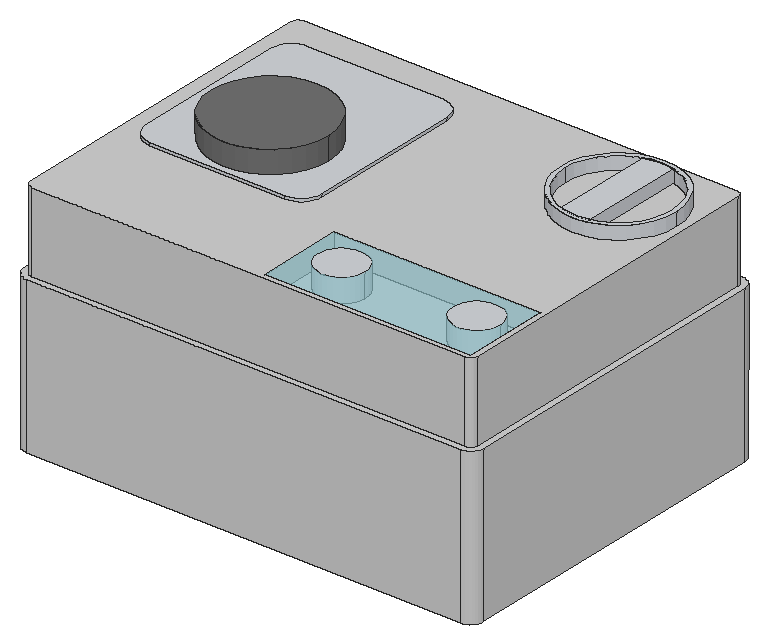
Revit family "Building-IEC309Connections-GEWISS-44IB-INTERLOCKED-SOCKET-OUTLETS_IP44_WITH_BOTTOM_FUS", category Apparecchi elettrici, host Superficie, Revit 2019
Family settings
  Host = Superficie
  Mantenere orientamento annotazione = Sì
  Quota connettore circolare = Usa diametro
  Tipo di parte = Normale
  Taglio con vuoti quando caricato = No
  Condiviso = No
  Punto di calcolo locali = Sì
Parameters (values of type "GW66044 - 32A 3P+N+E 500V H.INT.SOCK.O.W.B. 7H CBF")
  visibilita posizionamento 2d [instance] = yes
  simbolo acceso [instance] = yes
  oggetto in pianta [instance] = not(visibilita posizionamento 2d)  # no
  distanza_simbolo [instance] = 1 mm
  distanza dal piano [instance] = 10 mm
  Working temperature = "-25 ÷ +40 °C"
  With back-mounting box = "Yes"
  W = 115 mm  # constant formula
  Voltaggio = 0 V
  Version file RFA = "21.4"
  VETRO = Vetro
  URL = "https://www.gewiss.com/ww/en"
  Typology = "Horizontal"
  Thermo-pressure with ball = "125 °C (active parts) - 80 °C (passive parts)"
  Technical sheet = "https://www.gewiss.com/ww/en/search?q=GW66044"
  Spostamento_effettivo_S [instance] = 4000 mm - Spostamento_S  # 3000 mm
  Spostamento_S = 1000 mm
  Simbolo circuito [instance] = not(simbolo acceso)  # no
  Shock resistance = "IK08"
  STRUTTURA ALTA = blue
  STRUTTURA = RAL - 7035
  SEO = "Socket outlet"
  Reference h = "7"
  Realized by GEWISS S.p.A. = ""
  Rated voltage = "480-500V"
  Rated frequency (Hz) = "50/60 Hz"
  Rated current (In) = "32"
  Rated current (A) = "32"
  Protection = "Fuse-holder base (CBF)"
  Default Elevation = 1219.2 mm
  Produttore = "GEWISS S.p.A."
  PRESA = Giallo
  POMELLO = bianco
  Operating temperature: = "-25 +40 °C"
  Number of poles = "3P+N+E"
  No. of poles = "3P+N+E"
  N.poli = 1
  Modello = "GW66044"
  L = 155 mm  # constant formula
  Immagine tipo = IP44FondoFus.jpg
  IP degree = "IP44"
  IDT = "df42792c-0395-498e-ac0c-0b2d4cd197bd"
  IDF = "6ad67383-5a29-4481-a0b8-72c9e5411bd3"
  Glow wire test: = "850 °C (active parts) - 650 °C (passive parts)"
  Glow Wire Test = "850 °C (active parts) - 650 °C (passive parts)"
  Fuses holder = "gG"
  Fuse breacking capacity = "> 50 kA"
  Frequency = "50/60 Hz"
  FORMULA = 1000 mm * 1  # 1000 mm
  Electrocod = "2220"
  EAN code = "8011564006225"
  Descrizione = "32A 3P+N+E 500V H.INT.SOCK.O.W.B. 7H CBF"
  Colour: = "Black"
  Colour = "Black"
  Catalogue Range = "44 IB"
  Catalogue = "BUILDING"
  COBie.Tagnumber = ""
  COBie.CreatedOn = ""
  COBie.CreatebBy = ""
  COBie.ComponentRegisterItemID = ""
  COBie.Component.TagNumber = ""
  COBie.Component.Space = ""
  COBie.Component.SerialNumber = ""
  COBie.Component.InstallationDate = ""
  COBie.Component.Description = ""
  COBie.Component.BarCode = ""
  BLOCCO = "B=C"
Types (22, lengths in mm): name | Technical sheet | Reference h | Rated voltage | Rated current (In) | Rated current (A) | Number of poles | No. of poles | Modello | IDT | Fuses holder | EAN code | Descrizione | Colour: | Colour
  GW66023 - 16A 2P+E 110V H.INT.SOCK.O.W.B. 4H CBF | "https://www.gewiss.com/ww/en/search?q=GW66023" | "4" | "100-130V" | "16" | "16" | "2P+E" | "2P+E" | "GW66023" | "7089f5e2-a839-404b-b1ac-23f6156b561d" | "E14" | "8011564005891" | "16A 2P+E 110V H.INT.SOCK.O.W.B. 4H CBF" | "Yellow" | "Yellow"
  GW66024 - 16A 3P+E 110V H.INT.SOCK.O.W.B. 4H CBF | "https://www.gewiss.com/ww/en/search?q=GW66024" | "4" | "100-130V" | "16" | "16" | "3P+E" | "3P+E" | "GW66024" | "faed8e30-7982-47ab-b1a3-6cb02420e8c1" | "E14" | "8011564005952" | "16A 3P+E 110V H.INT.SOCK.O.W.B. 4H CBF" | "Yellow" | "Yellow"
  GW66025 - 16A 3P+N+E 110V H.INT.SOCK.O.W.B. 4H CBF | "https://www.gewiss.com/ww/en/search?q=GW66025" | "4" | "100-130V" | "16" | "16" | "3P+N+E" | "3P+N+E" | "GW66025" | "f794b271-261a-4955-9689-fe424ae59c58" | "E14" | "8011564005976" | "16A 3P+N+E 110V H.INT.SOCK.O.W.B. 4H CBF" | "Yellow" | "Yellow"
  GW66026 - 16A 2P+E 230V H.INT.SOCK.O.W.B. 6H CBF | "https://www.gewiss.com/ww/en/search?q=GW66026" | "6" | "200-250V" | "16" | "16" | "2P+E" | "2P+E" | "GW66026" | "bef3f5e3-376a-4413-a2ae-b2fcd255f968" | "E14" | "8011564005907" | "16A 2P+E 230V H.INT.SOCK.O.W.B. 6H CBF" | "Blue" | "Blue"
  GW66027 - 16A 3P+E 230V H.INT.SOCK.O.W.B. 9H CBF | "https://www.gewiss.com/ww/en/search?q=GW66027" | "9" | "200-250V" | "16" | "16" | "3P+E" | "3P+E" | "GW66027" | "71c747aa-cdfa-4e2f-be48-f6888ddb8eda" | "E14" | "8011564005914" | "16A 3P+E 230V H.INT.SOCK.O.W.B. 9H CBF" | "Blue" | "Blue"
  GW66028 - 16A 3P+N+E 230V H.INT.SOCK.O.W.B. 9H CBF | "https://www.gewiss.com/ww/en/search?q=GW66028" | "9" | "200-250V" | "16" | "16" | "3P+N+E" | "3P+N+E" | "GW66028" | "211f3e4e-be92-4a07-9fb2-628839dfcca9" | "E14" | "8011564005983" | "16A 3P+N+E 230V H.INT.SOCK.O.W.B. 9H CBF" | "Blue" | "Blue"
  GW66029 - 16A 2P+E 400V H.INT.SOCK.O.W.B. 9H CBF | "https://www.gewiss.com/ww/en/search?q=GW66029" | "9" | "380-415V" | "16" | "16" | "2P+E" | "2P+E" | "GW66029" | "d4ac351d-1cb4-4c20-9424-959a358040b4" | "E14" | "8011564005945" | "16A 2P+E 400V H.INT.SOCK.O.W.B. 9H CBF" | "Red" | "Red"
  GW66030 - 16A 3P+E 400V H.INT.SOCK.O.W.B. 6H CBF | "https://www.gewiss.com/ww/en/search?q=GW66030" | "6" | "380-415V" | "16" | "16" | "3P+E" | "3P+E" | "GW66030" | "9a044153-0dc8-4aea-90c0-5b9d60a92764" | "E14" | "8011564005921" | "16A 3P+E 400V H.INT.SOCK.O.W.B. 6H CBF" | "Red" | "Red"
  GW66031 - 16A 3P+N+E 400V H.INT.SOCK.O.W.B. 6H CBF | "https://www.gewiss.com/ww/en/search?q=GW66031" | "6" | "380-415V" | "16" | "16" | "3P+N+E" | "3P+N+E" | "GW66031" | "97bfc1d2-dba9-4f15-a97c-6b4be0dd6ee4" | "E14" | "8011564005938" | "16A 3P+N+E 400V H.INT.SOCK.O.W.B. 6H CBF" | "Red" | "Red"
  GW66032 - 16A 3P+E 500V H.INT.SOCK.O.W.B. 7H CBF | "https://www.gewiss.com/ww/en/search?q=GW66032" | "7" | "480-500V" | "16" | "16" | "3P+E" | "3P+E" | "GW66032" | "814da120-f07b-48a8-903f-843956a2b16c" | "gG" | "8011564005969" | "16A 3P+E 500V H.INT.SOCK.O.W.B. 7H CBF" | "Black" | "Black"
  GW66033 - 16A 3P+N+E 500V H.INT.SOCK.O.W.B. 7H CBF | "https://www.gewiss.com/ww/en/search?q=GW66033" | "7" | "480-500V" | "16" | "16" | "3P+N+E" | "3P+N+E" | "GW66033" | "54b80668-78cd-4298-9e84-f3502b01ba6b" | "gG" | "8011564005990" | "16A 3P+N+E 500V H.INT.SOCK.O.W.B. 7H CBF" | "Black" | "Black"
  GW66034 - 32A 2P+E 110V H.INT.SOCK.O.W.B. 4H CBF | "https://www.gewiss.com/ww/en/search?q=GW66034" | "4" | "100-130V" | "32" | "32" | "2P+E" | "2P+E" | "GW66034" | "e14145ee-42ad-4c2f-a1ae-1e5d2afd0aa0" | "E18" | "8011564006010" | "32A 2P+E 110V H.INT.SOCK.O.W.B. 4H CBF" | "Yellow" | "Yellow"
  GW66035 - 32A 3P+E 110V H.INT.SOCK.O.W.B. 4H CBF | "https://www.gewiss.com/ww/en/search?q=GW66035" | "4" | "100-130V" | "32" | "32" | "3P+E" | "3P+E" | "GW66035" | "ec2e3317-898e-4865-b65e-7755d8ee4a45" | "E18" | "8011564006058" | "32A 3P+E 110V H.INT.SOCK.O.W.B. 4H CBF" | "Yellow" | "Yellow"
  GW66036 - 32A 3P+N+E 110V H.INT.SOCK.O.W.B. 4H CBF | "https://www.gewiss.com/ww/en/search?q=GW66036" | "4" | "100-130V" | "32" | "32" | "3P+N+E" | "3P+N+E" | "GW66036" | "dc7ca188-32bf-4b8a-8f8d-33004da69451" | "E18" | "8011564006089" | "32A 3P+N+E 110V H.INT.SOCK.O.W.B. 4H CBF" | "Yellow" | "Yellow"
  GW66037 - 32A 2P+E 230V H.INT.SOCK.O.W.B. 6H CBF | "https://www.gewiss.com/ww/en/search?q=GW66037" | "6" | "200-250V" | "32" | "32" | "2P+E" | "2P+E" | "GW66037" | "9219b392-53db-47fd-8626-02f59db4b2c3" | "E18" | "8011564006003" | "32A 2P+E 230V H.INT.SOCK.O.W.B. 6H CBF" | "Blue" | "Blue"
  GW66038 - 32A 3P+E 230V H.INT.SOCK.O.W.B. 9H CBF | "https://www.gewiss.com/ww/en/search?q=GW66038" | "9" | "200-250V" | "32" | "32" | "3P+E" | "3P+E" | "GW66038" | "b5363449-777e-4122-bc3e-04f859593efd" | "E18" | "8011564006065" | "32A 3P+E 230V H.INT.SOCK.O.W.B. 9H CBF" | "Blue" | "Blue"
  GW66039 - 32A 3P+N+E 230V H.INT.SOCK.O.W.B. 9H CBF | "https://www.gewiss.com/ww/en/search?q=GW66039" | "9" | "200-250V" | "32" | "32" | "3P+N+E" | "3P+N+E" | "GW66039" | "d8acc83b-5722-4cd3-87bf-d884a55272f4" | "E18" | "8011564006119" | "32A 3P+N+E 230V H.INT.SOCK.O.W.B. 9H CBF" | "Blue" | "Blue"
  GW66040 - 32A 2P+E 400V H.INT.SOCK.O.W.B. 9H CBF | "https://www.gewiss.com/ww/en/search?q=GW66040" | "9" | "380-415V" | "32" | "32" | "2P+E" | "2P+E" | "GW66040" | "b1fa73f3-0cfe-4431-999d-cca88d5c23a1" | "E18" | "8011564006041" | "32A 2P+E 400V H.INT.SOCK.O.W.B. 9H CBF" | "Red" | "Red"
  GW66041 - 32A 3P+E 400V H.INT.SOCK.O.W.B. 6H CBF | "https://www.gewiss.com/ww/en/search?q=GW66041" | "6" | "380-415V" | "32" | "32" | "3P+E" | "3P+E" | "GW66041" | "06b2d60c-f5c9-42ce-85d4-d74801b8748a" | "E18" | "8011564006027" | "32A 3P+E 400V H.INT.SOCK.O.W.B. 6H CBF" | "Red" | "Red"
  GW66042 - 32A 3P+N+E 400V H.INT.SOCK.O.W.B. 6H CBF | "https://www.gewiss.com/ww/en/search?q=GW66042" | "6" | "380-415V" | "32" | "32" | "3P+N+E" | "3P+N+E" | "GW66042" | "33cbc6e3-2c31-487a-9b59-384031c23020" | "E18" | "8011564006034" | "32A 3P+N+E 400V H.INT.SOCK.O.W.B. 6H CBF" | "Red" | "Red"
  GW66043 - 32A 3P+E 500V H.INT.SOCK.O.W.B. 7H CBF | "https://www.gewiss.com/ww/en/search?q=GW66043" | "7" | "480-500V" | "32" | "32" | "3P+E" | "3P+E" | "GW66043" | "94724e19-a5ed-499c-9114-67e138ce8689" | "gG" | "8011564006072" | "32A 3P+E 500V H.INT.SOCK.O.W.B. 7H CBF" | "Black" | "Black"
  GW66044 - 32A 3P+N+E 500V H.INT.SOCK.O.W.B. 7H CBF | "https://www.gewiss.com/ww/en/search?q=GW66044" | "7" | "480-500V" | "32" | "32" | "3P+N+E" | "3P+N+E" | "GW66044" | "df42792c-0395-498e-ac0c-0b2d4cd197bd" | "gG" | "8011564006225" | "32A 3P+N+E 500V H.INT.SOCK.O.W.B. 7H CBF" | "Black" | "Black"
Reference planes
  plane 1 "Centro (Fronte/Retro)": y = 0
  plane 2: z = 0
  plane 3 "Centro (Sinistra/Destra)": x = 0
  plane 4: x = -3000
  plane 5: x = 0
  plane 6: through (-313.07, 66.247, 1219.2) normal (0.9397, -0.342, 0)
  plane 7: through (-499.796, -177.063, 1219.2) normal (0.342, 0.9397, 0)
  plane 8: through (528.128, 342.051, 1219.2) normal (0.9397, -0.342, 0)
  plane 9: x = -77.5
  plane 10: x = 77.5
  plane 11: y = -57.5
  plane 12: y = 57.5
  plane 13: z = 10
Forms (mm)
  Extrusion 1, solid, detail levels coarse
    sketch origin (-117, 0, 0) x (1, 0, 0) y (0, 1, 0)
      loop
        line (19, 75) -> (19, -75) -> (215, -75) -> (215, 75) -> (19, 75)
    from 10 to 109.049
Lines and regions (mm)
  symbolic lines, visible <- "visibilita posizionamento 2d"
    curve 1: line (-78, 0, 10) -> (-78, 0, 73.456)
    curve 2: line (-78, 0, 73.456) -> (78, 0, 73.456)
    curve 3: line (78, 0, 73.456) -> (78, 0, 10)
    curve 4: line (-75.25, 0, 73.456) -> (-75.25, 0, 97)
    curve 5: line (-75.25, 0, 97) -> (75.25, 0, 97)
    curve 6: line (75.25, 0, 97) -> (75.25, 0, 73.456)
    curve 7: line (-78, 0, 10) -> (78, 0, 10)
  symbolic lines, visible <- "visibilita posizionamento 2d", not visible
    curve 8: line (-78, 0, 0) -> (-78, 0, 63.456)
    curve 9: line (-78, 0, 63.456) -> (78, 0, 63.456)
    curve 10: line (78, 0, 63.456) -> (78, 0, 0)
    curve 11: line (-75.25, 0, 63.456) -> (-75.25, 0, 87)
    curve 12: line (-75.25, 0, 87) -> (75.25, 0, 87)
    curve 13: line (75.25, 0, 87) -> (75.25, 0, 63.456)
    curve 14: line (-78, 0, 0) -> (78, 0, 0)
Text (mm)
  text "B=C*D" at (190.064, 99.613, 0), in view "Livello rif."
Dimensions and locks
  plane 4 to plane 3 "Centro (Sinistra/Destra)" = 3000 mm
  "Spostamento_effettivo_S": plane 4 to plane 5
  equal spacing: plane 9, plane 3 "Centro (Sinistra/Destra)", plane 10
  equal spacing: plane 12, plane 1 "Centro (Fronte/Retro)", plane 11
  "L": plane 9 to plane 10
  "W": plane 12 to plane 11
  "distanza dal piano": plane 13 to plane 2
  angle plane 6 to plane 5 = 20.00°
  angle plane 7 to plane 1 "Centro (Fronte/Retro)" = 20.00°
  angle plane 8 to plane 7 = 90.00°
  aligned and locked: plane 2 to host face
  aligned and locked: level to host face
  aligned and locked: nested 1 to plane 5
  aligned and locked: plane 1 "Centro (Fronte/Retro)" to nested 2
  aligned and locked: nested 2 to plane 13
  aligned and locked: curve 7 to plane 13
  aligned and locked: Extrusion 1 to plane 13
  aligned and locked: plane 3 "Centro (Sinistra/Destra)" to nested 2
  aligned and locked: plane 5 to nested 3
  aligned and locked: Extrusion 1 to nested 2  (x4)
Automatic sketch dimensions
  host sketch curve to host sketch curve = 2438.4 mm  (x2)
  Extrusion 1 sketch curve to plane 3 "Centro (Sinistra/Destra)" = 98 mm
  plane 3 "Centro (Sinistra/Destra)" to Extrusion 1 sketch curve = 98 mm
  plane 1 "Centro (Fronte/Retro)" to Extrusion 1 sketch curve = 75 mm
  Extrusion 1 sketch curve to plane 1 "Centro (Fronte/Retro)" = 75 mm
Nested families
  nested 1: "PRESAINDPFUS" at (0, 247.795, 0), SIMBOLO ACCESO <- "simbolo acceso", Distanza dal muro <- "distanza_simbolo", visible <- "simbolo acceso", type "3P"
    with SIMBOLO ACCESO yes, Distanza dal muro 1 mm, BORDO ACCESO yes
  nested 2: "base_IB PRESE INTERBLOC portaf ORIZ" at (0, 0, 10), type "base_IB PRESE INTERBLOC portaf ORIZ", detail levels medium+fine
  nested 3: "simbolo_circuitoGW66201N" at (0.924, 249.682, 0), Distanza dal muro <- "distanza_simbolo", visible <- "Simbolo circuito", type "3P"
    with SIMBOLO ACCESO yes, Distanza dal muro 1 mm, BORDO ACCESO yes
Connectors
  electrical at (0, -75, 59.525), driven by "N.poli", driven by "Voltaggio"
    settings: on Extrusion 1, index 1, voltage 0 V, apparent load 0 VA, apparent load phase1 0 VA, apparent load phase2 0 VA, apparent load phase3 0 VA, power factor 1, load classification "Altro", number of poles 1, system type 31, power factor state 1, is connector primary yes, connector utility no, sub classification motor no, connector description ""
Definition of nested family "base_IB PRESE INTERBLOC portaf ORIZ"
  Parameters (values of type "base_IB PRESE INTERBLOC portaf ORIZ")
    Vetro = none
    Struttura = none
    Spessore = 160 mm
    Default Elevation = 14 mm
    Presa = none
    Lunghezza = 196 mm  # constant formula
    IFC.TypeObject = ""
    IFC.ExportType = ""
    IFC.ExportAs = ""
    H_da terra = 586.883 mm
    COBie.CreatedOn = ""
    COBie.CreatebBy = ""
    COBie.ComponentRegisterItemID = ""
    COBie.Component.TagNumber = ""
    COBie.Component.Space = ""
    COBie.Component.SerialNumber = ""
    COBie.Component.InstallationDate = ""
    COBie.Component.Description = ""
    COBie.Component.BarCode = ""
    Altezza = 150 mm  # constant formula
  Reference planes
    plane 1 "Centro (Fronte/Retro)": y = 0
    plane 2: z = 0
    plane 3 "Centro (Sinistra/Destra)": x = 0
    plane 4: z = 110.5
    plane 5: x = -95.25
    plane 6: x = -98
    plane 7: x = 95.25
    plane 8: x = 98
    plane 9: y = 75
    plane 10: y = -75
    plane 11: x = -65.25
    plane 12: z = 66
    plane 13: z = 101.133
    plane 14: z = 100
    plane 15: y = 58.289
    plane 16: x = 93
    plane 17: y = -32.96
    plane 18: x = 5
    plane 19: y = -70
    plane 20: z = 90.218
    plane 21: y = -43.532
    plane 22: x = 16.426
    plane 23: x = 85.968
    plane 24: z = 87
    plane 25: z = 103.604
  Forms (mm)
    Extrusion 1, solid, material <- "Struttura"
      sketch origin (0, -661.883, 0) x (1, 0, 0) y (0, 1, 0)
        loop
          arc (-92.456, 736.883) -> (-96.376, 735.259) -> (-98, 731.34) r 5.544
          line (-98, 731.34) -> (-98, 592.427)
          arc (-98, 592.427) -> (-96.376, 588.507) -> (-92.456, 586.883) r 5.544
          line (-92.456, 586.883) -> (92.456, 586.883)
          arc (92.456, 586.883) -> (96.376, 588.507) -> (98, 592.427) r 5.544
          line (98, 592.427) -> (98, 731.34)
          arc (98, 731.34) -> (96.376, 735.259) -> (92.456, 736.883) r 5.544
          line (92.456, 736.883) -> (-92.456, 736.883)
      from 0 to 66
    Extrusion 2, solid, material <- "Struttura"
      sketch origin (0, -661.883, 0) x (1, 0, 0) y (0, 1, 0)
        loop
          line (-95.25, 731.134) -> (-95.25, 592.633)
          arc (-95.25, 592.633) -> (-94.372, 590.512) -> (-92.251, 589.633) r 3
          line (-92.251, 589.633) -> (92.251, 589.633)
          arc (92.251, 589.633) -> (94.372, 590.512) -> (95.25, 592.633) r 3
          line (95.25, 592.633) -> (95.25, 731.134)
          arc (95.25, 731.134) -> (94.372, 733.255) -> (92.251, 734.133) r 3
          line (92.251, 734.133) -> (-92.251, 734.133)
          arc (-92.251, 734.133) -> (-94.372, 733.255) -> (-95.25, 731.134) r 3
      from 66 to 100
    Extrusion 3, solid
      sketch origin (15.707, -661.98, 0) x (1, 0, 0) y (0, 1, 0)
        loop
          circle (51.251, 703.105) r 24.739
        loop
          circle (51.251, 703.105) r 22.94
      from 100 to 105.5
    Extrusion 4, solid
      sketch origin (14.421, -653.184, 0) x (1, 0, 0) y (0, 1, 0)
        loop
          arc (45.579, 672.45) -> (51.85, 671.379) -> (58.173, 672.073) r 22.94
          line (58.173, 672.073) -> (58.173, 716.546)
          arc (58.173, 716.546) -> (51.85, 717.239) -> (45.579, 716.168) r 22.94
          line (45.579, 716.168) -> (45.579, 672.45)
      from 100 to 105.5
    Extrusion 5, solid
      sketch origin (-22.5, -674.005, 0) x (1, 0, 0) y (0, 1, 0)
        loop
          line (9.483, 657.084) -> (9.521, 723.465)
          arc (9.521, 723.465) -> (6.935, 729.709) -> (0.692, 732.295) r 8.829
          line (0.692, 732.295) -> (-56.711, 732.295)
          arc (-56.711, 732.295) -> (-62.749, 729.794) -> (-65.25, 723.756) r 8.539
          line (-65.25, 723.756) -> (-65.25, 656.898)
          arc (-65.25, 656.898) -> (-62.73, 650.814) -> (-56.647, 648.294) r 8.604
          line (-56.647, 648.294) -> (0.692, 648.294)
          arc (0.692, 648.294) -> (6.908, 650.868) -> (9.483, 657.084) r 8.791
      from 100 to 101.133
    Extrusion 6, solid, material <- "Presa"
      sketch origin (-22.5, -652.755, 0) x (1, 0, 0) y (0, 1, 0)
        loop
          circle (-27.977, 655.044) r 25
      from 100 to 110.5
    Extrusion 7, void
      sketch origin (0, 0, 0) x (1, 0, 0) y (0, 1, 0)
        loop
          line (5, -70) -> (93, -70) -> (93, -32.96) -> (5, -32.96) -> (5, -70)
      from 90.218 to 100
    Extrusion 8, solid
      sketch origin (0, 0, 0) x (1, 0, 0) y (0, 1, 0)
        loop
          line (5, -70) -> (93, -70) -> (93, -32.96) -> (5, -32.96) -> (5, -70)
      from 87 to 100
    Extrusion 9, solid
      sketch origin (0, 0, 0) x (1, 0, 0) y (0, 1, 0)
        loop
          circle (20.176, -47.907) r 10
        loop
          circle (77.824, -47.907) r 10
      from 100 to 87
  Cuts and joins
    Extrusion 7 cuts Extrusion 1
    Extrusion 7 cuts Extrusion 2
  Dimensions and locks
    locked: plane 6 to plane 5 at 2.75
    locked: plane 7 to plane 8 at 2.75
    "Lunghezza": plane 6 to plane 8
    equal spacing: plane 10, plane 1 "Centro (Fronte/Retro)", plane 9
    equal spacing: plane 6, plane 3 "Centro (Sinistra/Destra)", plane 8
    plane 12 to level = 66 mm
    plane 18 to plane 16 = 88 mm
    plane 17 to plane 19 = 37.04 mm
    locked: plane 16 to plane 8 at 5
    locked: plane 10 to plane 19 at 5
    "Altezza": plane 10 to plane 9
    locked: plane 13 to plane 25 at 2.471
    plane 12 to plane 20 = 24.218 mm
    locked: plane 20 to plane 14 at 9.782
    locked: plane 14 to plane 13 at 1.133
    plane 12 to plane 14 = 34 mm
    plane 12 to plane 4 = 44.5 mm
    aligned and locked: level to plane 2
    aligned and locked: Extrusion 3 to Extrusion 2
    aligned and locked: plane 10 to Extrusion 1 sketch curve
    aligned and locked: plane 9 to Extrusion 1 sketch curve
    aligned and locked: plane 6 to Extrusion 1 sketch curve
    aligned and locked: Extrusion 1 sketch curve to plane 8
    aligned and locked: Extrusion 5 to plane 15
    aligned and locked: Extrusion 7 sketch curve to plane 18
    aligned and locked: Extrusion 7 sketch curve to plane 17
    aligned and locked: Extrusion 7 sketch curve to plane 16
    aligned and locked: Extrusion 7 sketch curve to plane 19
    aligned and locked: Extrusion 3 to Extrusion 7
    aligned and locked: plane 20 to cut or joined group of Extrusion 2, Extrusion 7
    aligned and locked: Extrusion 8 sketch curve to plane 18
    aligned and locked: Extrusion 8 sketch curve to plane 19
    aligned and locked: Extrusion 8 sketch curve to plane 17
    aligned and locked: Extrusion 8 sketch curve to plane 16
    aligned and locked: Extrusion 8 to plane 14
    aligned and locked: Extrusion 4 sketch curve to Extrusion 3  (x2)
    aligned and locked: plane 24 to Extrusion 8
    aligned and locked: Extrusion 9 to plane 24
    aligned and locked: plane 14 to Extrusion 5
    aligned and locked: plane 14 to Extrusion 6
    aligned and locked: plane 14 to Extrusion 4
    aligned and locked: Extrusion 5 to plane 13
    aligned and locked: cut or joined group of Extrusion 1, Extrusion 7 to plane 12
    aligned and locked: plane 12 to cut or joined group of Extrusion 2, Extrusion 7
    aligned and locked: cut or joined group of Extrusion 2, Extrusion 7 to plane 14
    aligned and locked: Extrusion 9 to plane 14
    aligned and locked: plane 4 to Extrusion 6
    aligned and locked: Extrusion 3 to Extrusion 4
  Automatic sketch dimensions
    Extrusion 1 sketch curve to plane 5 = 2.794 mm  (x2)
    plane 7 to Extrusion 1 sketch curve = 2.794 mm  (x2)
    Extrusion 2 sketch curve to plane 5 = 0 mm
    Extrusion 2 sketch curve to plane 7 = 0 mm
    Extrusion 2 sketch curve to plane 5 = 3 mm  (x2)
    Extrusion 2 sketch curve to Extrusion 2 sketch curve = 3 mm
    plane 7 to Extrusion 2 sketch curve = 3 mm
    Extrusion 2 sketch curve to plane 10 = 2.75 mm
    plane 9 to Extrusion 2 sketch curve = 5.749 mm
    Extrusion 3 sketch curve to Extrusion 3 sketch curve = 0 mm  (x2)
    plane 7 to Extrusion 3 sketch curve = 28.292 mm
    plane 9 to Extrusion 3 sketch curve = 33.875 mm
    Extrusion 6 sketch curve to plane 1 "Centro (Fronte/Retro)" = 2.288 mm
    Extrusion 5 sketch curve to plane 11 = 22.5 mm
    Extrusion 5 sketch curve to plane 11 = 13.961 mm
    Extrusion 5 sketch curve to plane 11 = 13.896 mm
    Extrusion 5 sketch curve to plane 3 "Centro (Sinistra/Destra)" = 21.808 mm  (x2)
    Extrusion 5 sketch curve to Extrusion 5 sketch curve = 8.829 mm
    plane 1 "Centro (Fronte/Retro)" to Extrusion 5 sketch curve = 16.921 mm
    plane 1 "Centro (Fronte/Retro)" to Extrusion 5 sketch curve = 17.108 mm
    Extrusion 5 sketch curve to Extrusion 5 sketch curve = 0 mm
    Extrusion 6 sketch curve to plane 3 "Centro (Sinistra/Destra)" = 50.477 mm
    plane 15 to Extrusion 5 sketch curve = 0 mm
    Extrusion 4 sketch curve to plane 15 = 4.695 mm
    Extrusion 4 sketch curve to plane 15 = 5.072 mm
    Extrusion 9 sketch curve to plane 23 = 8.144 mm
    plane 22 to Extrusion 9 sketch curve = 3.75 mm
    Extrusion 9 sketch curve to plane 21 = 4.375 mm  (x2)
    radius of Extrusion 3 sketch curve = 24.739 mm
    radius of Extrusion 3 sketch curve = 22.94 mm
    radius of Extrusion 6 sketch curve = 25 mm
    radius of Extrusion 9 sketch curve = 10 mm  (x2)
Definition of nested family "PRESAINDPFUS"
  Parameters (values of type "2P")
    SIMBOLO ACCESO [instance] = yes
    SIMBOLO = PRESAINDPFUS_BASE : 2P
    Distanza dal muro [instance] = 0 mm
    BORDO ACCESO [instance] = yes
  Types (2, lengths in mm): name | SIMBOLO
    2P | PRESAINDPFUS_BASE : 2P
    3P | PRESAINDPFUS_BASE : 3P
  Reference planes
    plane 1: y = 0
    plane 2: x = 0
  Dimensions and locks
    "Distanza dal muro": plane 1 to nested 1
    aligned and locked: plane 2 to nested 1
  Nested families
    nested 1: "PRESAINDPFUS_BASE" at (0, 0, 0), type <- "SIMBOLO", CORNICE SIMBOLO <- "BORDO ACCESO", visible <- "SIMBOLO ACCESO", type "2P"
  Definition of nested family "PRESAINDPFUS_BASE"
    Parameters (values of type "3P")
      CORNICE SIMBOLO [instance] = yes
      3P = yes
    Types (2, lengths in mm): name | 3P
      3P | yes
      2P | no
    Reference planes
      plane 1: y = 0
      plane 2: x = 0
    Lines and regions (mm)
      detail lines, visible <- "CORNICE SIMBOLO"
        curve 1: line (-0.9, 2.4, 0) -> (0.9, 2.4, 0)
        curve 2: line (0.9, 2.4, 0) -> (0.9, 0.1, 0)
        curve 3: line (0.9, 0.1, 0) -> (-0.9, 0.1, 0)
        curve 4: line (-0.9, 0.1, 0) -> (-0.9, 2.4, 0)
      detail lines, not visible
        curve 5: line (-2.443, 10.208, 0) -> (2.057, 10.208, 0)
        curve 6: line (2.057, 10.208, 0) -> (2.057, 4.208, 0)
        curve 7: line (2.057, 4.208, 0) -> (-2.443, 4.208, 0)
        curve 8: line (-2.443, 4.208, 0) -> (-2.443, 10.208, 0)
        curve 9: line (-2.043, 9.808, 0) -> (1.657, 9.808, 0)
        curve 10: line (1.657, 9.808, 0) -> (1.657, 4.608, 0)
        curve 11: line (1.657, 4.608, 0) -> (-2.043, 4.608, 0)
        curve 12: line (-2.043, 4.608, 0) -> (-2.043, 9.808, 0)
      detail lines
        curve 13: line (-0.45, 1.069, 0) -> (-0.167, 1.069, 0)
        curve 14: line (-0.167, 1.069, 0) -> (0.33, 1.929, 0)
        curve 15: line (0.33, 1.929, 0) -> (0.836, 1.636, 0)
        curve 16: line (-0.167, 1.069, 0) -> (-0.45, 0.578, 0)
        curve 17: line (-0.45, 0.578, 0) -> (-0.45, 2.341, 0)
        curve 18: line (0.135, 1.591, 0) -> (0.641, 1.299, 0)
        curve 19: line (-0.84, 0.578, 0) -> (-0.06, 0.578, 0)
        curve 20: line (-0.45, 0.952, 0) -> (-0.333, 1.069, 0)
        curve 21: line (-0.45, 0.883, 0) -> (-0.264, 1.069, 0)
        curve 22: line (-0.45, 0.814, 0) -> (-0.195, 1.069, 0)
        curve 23: line (-0.45, 0.745, 0) -> (-0.223, 0.972, 0)
        curve 24: line (-0.45, 0.676, 0) -> (-0.317, 0.809, 0)
        curve 26: arc (-0.84, 0.189, 0) -> (-0.45, 0.578, 0) -> (-0.06, 0.189, 0) r 0.39
        curve 27: line (-0.608, 1.243, 0) -> (-0.608, 2.064, 0)
        curve 28: line (-0.608, 2.064, 0) -> (-0.292, 2.064, 0)
        curve 29: line (-0.292, 2.064, 0) -> (-0.292, 1.243, 0)
        curve 30: line (-0.292, 1.243, 0) -> (-0.608, 1.243, 0)
      detail lines, visible <- "3P"
        curve 25: line (-0.06, 1.254, 0) -> (0.446, 0.961, 0)
Definition of nested family "simbolo_circuitoGW66201N"
  Parameters (values of type "3P")
    SIMBOLO ACCESO [instance] = yes
    SIMBOLO = PRESAINDSTAGNA_BASE : 3P
    Distanza dal muro [instance] = 0 mm
    BORDO ACCESO [instance] = yes
  Reference planes
    plane 1: y = 0
    plane 2: x = 0
  Dimensions and locks
    "Distanza dal muro": plane 1 to nested 1
    aligned and locked: plane 2 to nested 1
  Nested families
    nested 1: "GW66201N-simb_base_di circuito" at (0, 0, 0), visible <- "SIMBOLO ACCESO", type "3P"
      with CORNICE SIMBOLO yes
  Definition of nested family "GW66201N-simb_base_di circuito"
    Parameters (values of type "3P")
      CORNICE SIMBOLO [instance] = yes
      3P = yes
    Types (2, lengths in mm): name | 3P
      3P | yes
      2P | no
    Reference planes
      plane 1: y = 0
      plane 2: x = 0
    Lines and regions (mm)
      detail lines, not visible
        curve 1: line (-2.443, 10.208, 0) -> (2.057, 10.208, 0)
        curve 2: line (2.057, 10.208, 0) -> (2.057, 4.208, 0)
        curve 3: line (2.057, 4.208, 0) -> (-2.443, 4.208, 0)
        curve 4: line (-2.443, 4.208, 0) -> (-2.443, 10.208, 0)
        curve 5: line (-2.043, 9.808, 0) -> (1.657, 9.808, 0)
        curve 6: line (1.657, 9.808, 0) -> (1.657, 4.608, 0)
        curve 7: line (1.657, 4.608, 0) -> (-2.043, 4.608, 0)
        curve 8: line (-2.043, 4.608, 0) -> (-2.043, 9.808, 0)
    Dimensions and locks
      aligned and locked: import instance to plane 2
      aligned and locked: plane 1 to import instance
